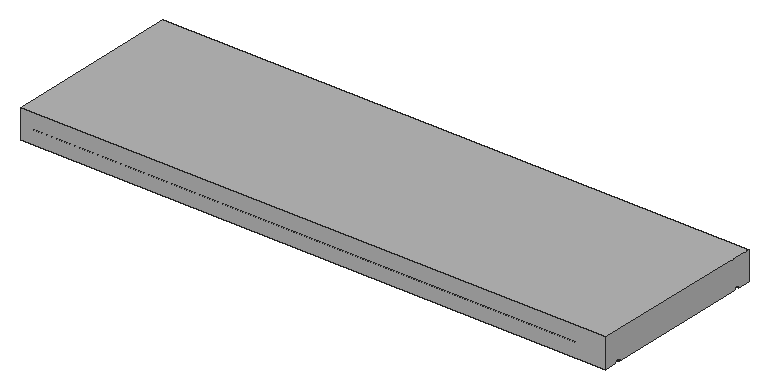
Revit family "WC624 Flat Top", category Generic Models, Revit 2020
Family settings
  Can host rebar = No
  Round Connector Dimension = Use Diameter
  Part Type = Normal
  Work Plane-Based = No
  Always vertical = Yes
  Cut with Voids When Loaded = No
  Shared = No
  Room Calculation Point = No
Parameters
  Weight = "37Kg"
  Warranty Guarantor Parts = "n/a"
  Warranty Guarantor Labour = "n/a"
  Warranty Duration Unit = "n/a"
  Warranty Duration Parts = "n/a"
  Warranty Duration Labour = "n/a"
  Warranty Description = "n/a"
  Unit Width [instance] = 305 mm
  Unit Length [instance] = 1000 mm
  Unit Height [instance] = 50 mm
  URL = "www.killeshal.com"
  Types = "Single"
  Type Comments = "Visit our website for a full list of available products."
  Sustainability Performance = "n/a"
  Structural Class = "n/a"
  Span = "Unit Length"
  Slope = "0.00°"
  Size = "305mm x 50mm"
  Shape = "As per drawing"
  Service Life = "0.000000"
  Serial Number = "n/a"
  Resistance to Fire = "n/a"
  Replacement Cost = "n/a"
  Reference = "n/a"
  Notified Body = "n/a"
  Nominal Cover to Main Bar = "n/a"
  Model = "W/C 624 Wall Cap."
  Mechanical Resistance = "n/a"
  Manufacturer = "Killeshal Precast Concrete Ltd."
  Load Bearing = no
  Life Cycle Environmental Load = "n/a"
  Length Options = "Stock size 1000mm."
  Keynote = "The information contained is the sole property of KPC Ltd., any reproduction in part or whole without permission of KPC Ltd. is prohibited."
  Environmental Product Declaration = "n/a"
  Environmental Class = "n/a"
  Durability against Corrosion = "n/a"
  Dimension Accuracy Class = "n/a"
  Detailing = "As per design specification and product drawings."
  Description = "Flat Top Wall Cap"
  Default Elevation = 0 mm
  Dangerous Substances = "n/a"
  Contact Tel = "0035357 9353018"
  Contact Email = "sales@killeshal.com"
  Construction Type = "Precast"
  Construction Tolerance Class = "n/a"
  Compressive Strength of Concrete = "n/a"
  Characteristics of Reinforcing Steel = "n/a"
  Characteristics Deflection Under Load = "n/a"
Reference planes
  plane 1 "Center (Front/Back)": y = 0
  plane 2: z = 0
  plane 3 "Center (Left/Right)": x = 0
  plane 4 "Rear": y = 152.5
  plane 5 "Front": y = -152.5
  plane 6 "Center L/T": z = 50
  plane 7 "Center L/Y": y = 127.5
  plane 8 "Center L/Z": y = -127.5
Forms (mm)
  Extrusion 1, solid, material "Precast Concrete (KPC)"
    sketch origin (0, 0, 0) x (0, 1, 0) y (0, 0, 1)
      loop
        line (-152.5, 50) -> (-152.5, 0) -> (-132.5, 0)
        arc (-132.5, 0) -> (-127.5, 5) -> (-122.5, 0) r 5
        line (-122.5, 0) -> (122.5, 0)
        arc (122.5, 0) -> (127.5, 5) -> (132.5, 0) r 5
        line (132.5, 0) -> (152.5, 0) -> (152.5, 50) -> (-152.5, 50)
    from 0 to 1000
Dimensions and locks
  "Unit Length": Extrusion 1 to Extrusion 1
  "Unit Width": Extrusion 1 to Extrusion 1
  "Unit Height": Extrusion 1 to Extrusion 1
  aligned and locked: level to plane 2
Automatic sketch dimensions
  Extrusion 1 sketch curve to plane 5 "Front" = 0 mm
  Extrusion 1 sketch curve to level = 0 mm
  Extrusion 1 sketch curve to plane 8 "Center L/Z" = 0 mm
  Extrusion 1 sketch curve to plane 7 "Center L/Y" = 0 mm
  Extrusion 1 sketch curve to plane 4 "Rear" = 0 mm
  Extrusion 1 sketch curve to plane 6 "Center L/T" = 0 mm
  Extrusion 1 sketch curve to Extrusion 1 sketch curve = 5 mm  (x2)
